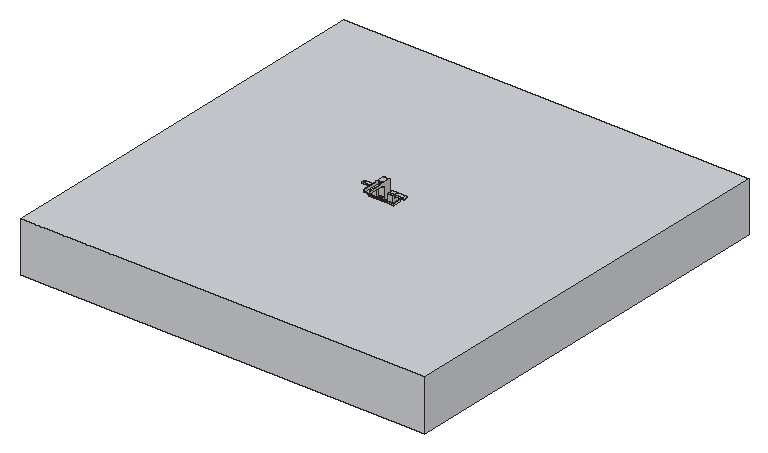
Revit family
Parameters (values of type "Delta Bath Ara 3568LF-MPU")
  URL = "http://www.deltafaucet.com "
  Tap = Stainless Steel
  Model = "3568LF-MPU"
  Manufacturer = "Delta"
  Default Elevation = 48.000"
Reference planes (in)
  plane 1 "Center (Front/Back)": y = 0
  plane 2: z = 0
  plane 3 "Center (Left/Right)": x = 0
Forms (in)
  Extrusion 1, solid
    sketch origin (0, 0, 0) x (1, 0, 0) y (0, 1, 0)
      loop
        line (-48, 48) -> (-48, -48) -> (48, -48) -> (48, 48) -> (-48, 48)
    from 0 to -12
  Extrusion 2, solid, material "Stainless Steel" <- "Tap"
    sketch origin (0, 0, 0) x (1, 0, 0) y (0, 1, 0)
      loop
        line (-0.93537, 0.93537) -> (-0.93537, -0.97762) -> (0.97393, -0.97762) -> (0.97393, 0.93537) -> (-0.93537, 0.93537)
    from 0 to 0.3
  Extrusion 3, solid, material "Stainless Steel" <- "Tap"
    sketch origin (0, 0, 0) x (0, 1, 0) y (0, 0, 1)
      loop
        line (-0.7, 0.3) -> (0.7, 0.3) -> (0.7, 3.98)
        arc (0.7, 3.98) -> (0.63556, 4.13556) -> (0.48, 4.2) r 0.22
        line (0.48, 4.2) -> (-1.4, 4.2)
        arc (-1.4, 4.2) -> (-1.54624, 4.16694) -> (-1.66404, 4.0742) r 0.34
        arc (-1.66404, 4.0742) -> (-1.71948, 4.03056) -> (-1.7883, 4.015) r 0.16
        line (-1.7883, 4.015) -> (-4.66, 4.015)
        arc (-4.66, 4.015) -> (-4.97113, 3.88613) -> (-5.1, 3.575) r 0.44
        line (-5.1, 3.575) -> (-5.1, 3.43927)
        arc (-5.1, 3.43927) -> (-5.08726, 3.41473) -> (-5.05987, 3.41103) r 0.03
        arc (-5.05987, 3.41103) -> (-4.67564, 3.47768) -> (-4.28631, 3.5) r 3.40747
        line (-4.28631, 3.5) -> (-1.36, 3.5)
        arc (-1.36, 3.5) -> (-0.89331, 3.30669) -> (-0.7, 2.84) r 0.66
        line (-0.7, 2.84) -> (-0.7, 0.3)
    from -0.7 to 0.7
  Extrusion 4, solid, material "Stainless Steel" <- "Tap"
    sketch origin (-2, 0, 0) x (1, 0, 0) y (0, 1, 0)
      loop
        line (-0.93537, 0.93537) -> (-0.93537, -0.97762) -> (0.97393, -0.97762) -> (0.97393, 0.93537) -> (-0.93537, 0.93537)
    from 0 to 0.3
  Extrusion 5, solid, material "Stainless Steel" <- "Tap"
    sketch origin (0, 0, 0) x (1, 0, 0) y (0, 0, 1)
      loop
        line (-2.6625, 1.785) -> (-2.6625, 0.3) -> (-1.3375, 0.3) -> (-1.3375, 1.785) -> (-2.6625, 1.785)
    from -0.6625 to 0.6625
  Extrusion 6, solid, material "Stainless Steel" <- "Tap"
    sketch origin (0, 0, 0) x (1, 0, 0) y (0, 0, 1)
      loop
        line (-2.6625, 1.175) -> (-2.6625, 1.785) -> (-1.33931, 1.785)
        arc (-1.33931, 1.785) -> (-1.42167, 1.94208) -> (-1.5875, 2.005) r 0.25
        line (-1.5875, 2.005) -> (-4.72161, 2.005)
        arc (-4.72161, 2.005) -> (-4.89422, 1.94547) -> (-4.99343, 1.7922) r 0.28
        arc (-4.99343, 1.7922) -> (-4.98793, 1.76651) -> (-4.96431, 1.755) r 0.03
        line (-4.96431, 1.755) -> (-3.2425, 1.755)
        arc (-3.2425, 1.755) -> (-2.83238, 1.58512) -> (-2.6625, 1.175) r 0.58
    from -0.4675 to 0.4375
  Extrusion 7, solid, material "Stainless Steel" <- "Tap"
    sketch origin (2, 0, 0) x (-1, 0, 0) y (0, -1, 0)
      loop
        line (-0.93537, -0.93537) -> (0.97393, -0.93537) -> (0.97393, 0.97762) -> (-0.93537, 0.97762) -> (-0.93537, -0.93537)
    from 0 to 0.3
  Extrusion 8, solid, material "Stainless Steel" <- "Tap"
    sketch origin (0, 0, 0) x (-1, 0, 0) y (0, 0, -1)
      loop
        line (-2.6625, -1.785) -> (-1.3375, -1.785) -> (-1.3375, -0.3) -> (-2.6625, -0.3) -> (-2.6625, -1.785)
    from -0.6625 to 0.6625
  Extrusion 9, solid, material "Stainless Steel" <- "Tap"
    sketch origin (0, 0, 0) x (-1, 0, 0) y (0, 0, -1)
      loop
        arc (-2.6625, -1.175) -> (-2.83238, -1.58512) -> (-3.2425, -1.755) r 0.58
        line (-3.2425, -1.755) -> (-4.96431, -1.755)
        arc (-4.96431, -1.755) -> (-4.98793, -1.76651) -> (-4.99343, -1.7922) r 0.03
        arc (-4.99343, -1.7922) -> (-4.89422, -1.94547) -> (-4.72161, -2.005) r 0.28
        line (-4.72161, -2.005) -> (-1.5875, -2.005)
        arc (-1.5875, -2.005) -> (-1.42167, -1.94208) -> (-1.33931, -1.785) r 0.25
        line (-1.33931, -1.785) -> (-2.6625, -1.785) -> (-2.6625, -1.175)
    from -0.4675 to 0.4375
  Extrusion 10, solid, material "Stainless Steel" <- "Tap"
    sketch origin (0, 0, 0) x (0, 1, 0) y (0, 0, 1)
      loop
        line (0.8, 2.4) -> (1.12973, 2.4) -> (1.12973, 2.9) -> (0.71361, 2.9) -> (0.7, 1.34) -> (0.70908, 0.3) -> (0.78167, 0.3) -> (0.8, 2.4)
    from -0.27165 to 0.27165
  Extrusion 11, void
    sketch origin (0, 0, 0) x (1, 0, 0) y (0, 0, 1)
      loop
        line (-0.45552, 0.53573) -> (-0.39353, 0.536)
        arc (-0.39353, 0.536) -> (-0.3453, 0.55308) -> (-0.31857, 0.5967) r 0.07663
        arc (-0.31857, 0.5967) -> (-0.31346, 0.64532) -> (-0.31857, 0.69394) r 0.23384
        arc (-0.31857, 0.69394) -> (-0.3453, 0.73756) -> (-0.39353, 0.75491) r 0.07663
        line (-0.39353, 0.75491) -> (-0.45552, 0.75491) -> (-0.45552, 0.53573)
      loop
        line (-0.42452, 0.72364) -> (-0.42452, 0.567) -> (-0.39353, 0.567)
        arc (-0.39353, 0.567) -> (-0.36481, 0.57717) -> (-0.34889, 0.60314) r 0.04563
        arc (-0.34889, 0.60314) -> (-0.34446, 0.64532) -> (-0.34889, 0.68749) r 0.20284
        arc (-0.34889, 0.68749) -> (-0.36481, 0.71347) -> (-0.39353, 0.72364) r 0.04563
        line (-0.39353, 0.72364) -> (-0.42452, 0.72364)
      loop
        line (-0.27549, 0.53573) -> (-0.15667, 0.53573) -> (-0.15667, 0.567) -> (-0.24449, 0.567) -> (-0.24449, 0.63045) -> (-0.16253, 0.63045) -> (-0.16253, 0.66145) -> (-0.24449, 0.66145) -> (-0.24449, 0.72391) -> (-0.15667, 0.72391) -> (-0.15667, 0.75491) -> (-0.27549, 0.75491) -> (-0.27549, 0.53573)
      loop
        line (-0.0462, 0.567) -> (-0.0462, 0.75491) -> (-0.0772, 0.75491) -> (-0.0772, 0.53573) -> (0.04162, 0.53573) -> (0.04162, 0.567) -> (-0.0462, 0.567)
      loop
        line (0.04162, 0.72391) -> (0.09191, 0.72391) -> (0.09191, 0.53573) -> (0.12291, 0.53573) -> (0.12291, 0.72391) -> (0.1732, 0.72391) -> (0.1732, 0.75491) -> (0.04162, 0.75491) -> (0.04162, 0.72391)
      loop
        line (0.1732, 0.53573) -> (0.2064, 0.53573) -> (0.22604, 0.58688) -> (0.31996, 0.58688) -> (0.33959, 0.53573) -> (0.3728, 0.53573) -> (0.28866, 0.75491) -> (0.25733, 0.75491) -> (0.1732, 0.53573)
      loop
        line (0.23794, 0.61788) -> (0.30806, 0.61788) -> (0.273, 0.70921) -> (0.23794, 0.61788)
    from 0.67 to 0.73513
  Extrusion 12, void
    sketch origin (0, 0, 0) x (1, 0, 0) y (0, 1, 0)
      loop
        line (-0.56041, -1.13993) -> (-0.56041, -5.40558) -> (0.56041, -5.40558) -> (0.56041, -1.13993) -> (-0.56041, -1.13993)
    from 3.55309 to 4.17
Cuts and joins
  Extrusion 11, Extrusion 12 cuts Extrusion 3
  Extrusion 12 cuts Extrusion 2
Dimensions and locks (in)
  aligned and locked: plane 2 to Extrusion 1
  aligned and locked: level to Extrusion 1
Connectors (in)
  piping at (0, 0, 0)
    settings: on Extrusion 1, index 1, connector radius 12", flow factor 0, pipe flow 0 GPM, pressure drop 0.00 psi, fitting loss kfactor 0, connector angle 0.00°, fixture units 0, flow configuration 0, flow direction 0, fitting loss method 0, system type 19, connector reference index -1, connector utility 0, adjustable connector no, is connector primary yes, fitting loss table "", connector description ""
